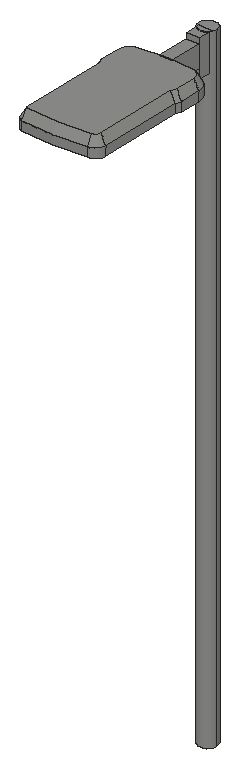
Revit family "VP-3-A_U", category Lighting Fixtures, host Face, Revit 2019 (continued)
Definition of nested family "SIZE3_A_"
  Forms (in)
    Extrusion 50, void
      sketch origin (0, 0, 3.625) x (1, 0, 0) y (0, 0, 1)
        loop
          line (-6.94707, 10.26622) -> (-6.94707, 9.26622)
          arc (-6.94707, 9.26622) -> (-0.07108, 7.88597) -> (6.815, 9.21501) r 18.15382
          line (6.815, 9.21501) -> (6.815, 10.21501)
          arc (6.815, 10.21501) -> (-0.07108, 8.88597) -> (-6.94707, 10.26622) r 18.15382
        loop
          line (-6.85535, 8.24972) -> (-6.85535, 7.97854)
          arc (-6.85535, 7.97854) -> (-0.06712, 6.63595) -> (6.73035, 7.93095) r 18.15382
          line (6.73035, 7.93095) -> (6.73035, 8.20243)
          arc (6.73035, 8.20243) -> (-0.06706, 6.91477) -> (-6.85535, 8.24972) r 18.25
        loop
          line (-6.85535, 7.49972) -> (-6.85535, 7.22854)
          arc (-6.85535, 7.22854) -> (-0.06712, 5.88595) -> (6.73035, 7.18095) r 18.15382
          line (6.73035, 7.18095) -> (6.73035, 7.45243)
          arc (6.73035, 7.45243) -> (-0.06706, 6.16477) -> (-6.85535, 7.49972) r 18.25
      from 1 to 1.75
    Blend 51, solid, material <- "Fixture"
      base sketch origin (0, 0, 0) x (1, 0, 0) y (0, 0, 1)
        loop
          arc (-6.75192, 33.95884) -> (-7.48558, 33.52919) -> (-7.77472, 32.72966) r 1.25
          line (-7.77472, 32.72966) -> (-7.77472, 15.72202) -> (-8.18, 14.67799) -> (-8.18, 10.64521)
          arc (-8.18, 10.64521) -> (-7.52407, 8.68733) -> (-5.82104, 7.51974) r 3.25
          arc (-5.82104, 7.51974) -> (-2.92086, 7.15165) -> (0, 7.02866) r 34.74571
          arc (0, 7.02866) -> (2.92086, 7.15165) -> (5.82104, 7.51974) r 34.74571
          arc (5.82104, 7.51974) -> (7.52407, 8.68733) -> (8.18, 10.64521) r 3.25
          line (8.18, 10.64521) -> (8.18, 14.67799) -> (7.7425, 15.80502) -> (7.7425, 32.05879)
          arc (7.7425, 32.05879) -> (7.16964, 33.45997) -> (5.77922, 34.05846) r 2
          arc (5.77922, 34.05846) -> (-0.48981, 34.44343) -> (-6.75192, 33.95884) r 45.36519
      top sketch origin (0, 0, 0) x (1, 0, 0) y (0, 0, 1)
        loop
          arc (5.71398, 33.05839) -> (-0.43659, 33.4438) -> (-6.58122, 32.97319) r 44.36519
          arc (-6.58122, 32.97319) -> (-6.72046, 32.88519) -> (-6.77472, 32.72966) r 0.25
          line (-6.77472, 32.72966) -> (-6.77472, 15.53474) -> (-7.18, 14.49071) -> (-7.18, 10.64521)
          arc (-7.18, 10.64521) -> (-6.74089, 9.30985) -> (-5.59495, 8.49571) r 2.25
          arc (-5.59495, 8.49571) -> (-2.89422, 8.15301) -> (-0.17465, 8.02912) r 33.74571
          arc (-0.17465, 8.02912) -> (2.72017, 8.13848) -> (5.59495, 8.49571) r 33.74571
          arc (5.59495, 8.49571) -> (6.74089, 9.30985) -> (7.18, 10.64521) r 2.25
          line (7.18, 10.64521) -> (7.18, 14.49071) -> (6.7425, 15.61774) -> (6.7425, 32.05879)
          arc (6.7425, 32.05879) -> (6.43945, 32.77591) -> (5.71398, 33.05839) r 1
      from 0 to -1.74
    Extrusion 52, solid, material <- "Fixture"
      sketch origin (0, 0, 0) x (1, 0, 0) y (0, 1, 0)
        loop
          line (-1.25, 2.78678) -> (-1.25, -4.21322) -> (1.25, -4.21322) -> (1.25, 2.78678) -> (-1.25, 2.78678)
      from -1.09835 to 1.75
  Cuts and joins
    Extrusion 4, Extrusion 50 cuts Extrusion 2
    Extrusion 4, Extrusion 50 cuts Extrusion 3
    joined: Extrusion 2, Extrusion 3
  Dimensions and locks (in)
    equal spacing: plane 4, plane 3 "Center (Left/Right)", plane 5
    "Width": plane 4 to plane 5
    "Length": plane 7 to plane 6
    "Mount Length": plane 6 to plane 2
    equal spacing: plane 11, plane 3 "Center (Left/Right)", plane 10
    "Mounting Base Width": plane 11 to plane 10
    aligned and locked: plane 2 to Extrusion 1
    aligned and locked: level to Extrusion 1
    aligned and locked: plane 1 "Center (Front/Back)" to Blend 51
    aligned and locked: plane 11 to Extrusion 52 sketch curve
    aligned and locked: Extrusion 52 sketch curve to plane 10
  Automatic sketch dimensions
    Extrusion 1 sketch curve to Extrusion 1 sketch curve = 96.00"  (x2)
    Extrusion 2 sketch curve to plane 3 "Center (Left/Right)" = 0.00"
    Extrusion 2 sketch curve to plane 3 "Center (Left/Right)" = 0.12919"
    plane 5 to Extrusion 2 sketch curve = 3.125"
    plane 5 to Extrusion 2 sketch curve = 1.53028"
    plane 5 to Extrusion 2 sketch curve = 0.28028"
    Extrusion 2 sketch curve to plane 5 = 0.125"
    Extrusion 2 sketch curve to plane 4 = 3.125"
    Extrusion 2 sketch curve to plane 4 = 2.3125"
    Extrusion 2 sketch curve to plane 4 = 0.3125"
    plane 4 to Extrusion 2 sketch curve = 0.125"
    Extrusion 2 sketch curve to level = 10.92033"
    plane 6 to Extrusion 2 sketch curve = 3.14521"
    Extrusion 2 sketch curve to Extrusion 2 sketch curve = 0.00"
    Extrusion 2 sketch curve to Extrusion 2 sketch curve = 4.03278"  (x2)
    Extrusion 2 sketch curve to Extrusion 2 sketch curve = 1.04403"
    Extrusion 2 sketch curve to Extrusion 2 sketch curve = 1.12703"
    Extrusion 2 sketch curve to plane 7 = 2.41121"
    Extrusion 2 sketch curve to Extrusion 2 sketch curve = 0.67087"
    plane 7 to Extrusion 2 sketch curve = 7.30438"
    plane 6 to Extrusion 2 sketch curve = 0.01974"
    Extrusion 2 sketch curve to plane 7 = 0.51116"
    Extrusion 3 sketch curve to plane 9 = 0.00"
    Extrusion 3 sketch curve to plane 8 = 0.1127"
    plane 8 to Extrusion 3 sketch curve = 1.12955"
    Extrusion 3 sketch curve to level = 1.406"
    plane 6 to Extrusion 3 sketch curve = 0.63918"
    plane 5 to Extrusion 4 sketch curve = 1.27892"
    plane 3 "Center (Left/Right)" to Extrusion 4 sketch curve = 0.06506"
    Extrusion 4 sketch curve to plane 4 = 1.125"
    Extrusion 4 sketch curve to level = 39.4018"
    plane 6 to Extrusion 4 sketch curve = 7.63674"
    Extrusion 4 sketch curve to plane 7 = 2.31818"
    plane 5 to Extrusion 5 sketch curve = 2.15013"
    Extrusion 5 sketch curve to Extrusion 5 sketch curve = 0.35"  (x3)
    Extrusion 5 sketch curve to plane 4 = 2.50013"  (x2)
    Extrusion 5 sketch curve to plane 7 = 7.81818"
    Extrusion 5 sketch curve to plane 7 = 2.66818"
    plane 5 to Extrusion 6 sketch curve = 3.08171"
    Extrusion 6 sketch curve to Extrusion 6 sketch curve = 0.00"  (x61)
    Extrusion 6 sketch curve to Extrusion 6 sketch curve = 0.51875"  (x27)
    Extrusion 6 sketch curve to plane 7 = 7.01806"
    Extrusion 6 sketch curve to Extrusion 6 sketch curve = 0.50"  (x72)
    plane 5 to Extrusion 7 sketch curve = 2.39345"
    Extrusion 7 sketch curve to Extrusion 7 sketch curve = 0.25"  (x3)
    Extrusion 7 sketch curve to plane 3 "Center (Left/Right)" = 0.54655"  (x2)
    Extrusion 7 sketch curve to plane 7 = 7.5141"
    Extrusion 7 sketch curve to plane 7 = 2.7641"
    Extrusion 8 sketch curve to plane 4 = 1.99807"
    Extrusion 8 sketch curve to plane 8 = 0.46661"
    Extrusion 8 sketch curve to Extrusion 8 sketch curve = 0.02618"
    Extrusion 8 sketch curve to Extrusion 8 sketch curve = 0.1119"
    Extrusion 8 sketch curve to plane 8 = 0.03691"
    Extrusion 8 sketch curve to Extrusion 8 sketch curve = 0.36056"
    Extrusion 8 sketch curve to plane 8 = 0.00781"
    Extrusion 8 sketch curve to Extrusion 8 sketch curve = 0.06241"
    Extrusion 8 sketch curve to Extrusion 8 sketch curve = 0.42393"
    Extrusion 8 sketch curve to Extrusion 8 sketch curve = 0.73219"
    plane 4 to Extrusion 9 sketch curve = 3.08171"
    Extrusion 9 sketch curve to Extrusion 9 sketch curve = 0.00"  (x61)
    Extrusion 9 sketch curve to Extrusion 9 sketch curve = 0.51875"  (x27)
    plane 7 to Extrusion 9 sketch curve = 7.01806"
    Extrusion 9 sketch curve to Extrusion 9 sketch curve = 0.50"  (x72)
    plane 4 to Extrusion 10 sketch curve = 2.39345"
    Extrusion 10 sketch curve to Extrusion 10 sketch curve = 0.25"  (x3)
    Extrusion 10 sketch curve to plane 3 "Center (Left/Right)" = 0.54655"  (x2)
    plane 7 to Extrusion 10 sketch curve = 7.5141"
    plane 7 to Extrusion 10 sketch curve = 2.7641"
    plane 5 to Extrusion 11 sketch curve = 2.15013"
    Extrusion 11 sketch curve to Extrusion 11 sketch curve = 0.35"  (x3)
    Extrusion 11 sketch curve to plane 4 = 2.50013"  (x2)
    Extrusion 11 sketch curve to plane 7 = 13.31818"
    Extrusion 11 sketch curve to Extrusion 11 sketch curve = 4.80"
    plane 5 to Extrusion 12 sketch curve = 3.08171"
    Extrusion 12 sketch curve to Extrusion 12 sketch curve = 0.00"  (x61)
    Extrusion 12 sketch curve to Extrusion 12 sketch curve = 0.51875"  (x27)
    Extrusion 12 sketch curve to plane 7 = 12.51806"
    Extrusion 12 sketch curve to Extrusion 12 sketch curve = 0.50"  (x72)
    plane 5 to Extrusion 13 sketch curve = 2.39345"
    Extrusion 13 sketch curve to Extrusion 13 sketch curve = 0.25"  (x3)
    Extrusion 13 sketch curve to plane 3 "Center (Left/Right)" = 0.54655"  (x2)
    Extrusion 13 sketch curve to plane 7 = 13.0141"
    Extrusion 13 sketch curve to Extrusion 13 sketch curve = 4.50"
    plane 4 to Extrusion 14 sketch curve = 3.08171"
    Extrusion 14 sketch curve to Extrusion 14 sketch curve = 0.00"  (x61)
    Extrusion 14 sketch curve to Extrusion 14 sketch curve = 0.51875"  (x27)
    plane 7 to Extrusion 14 sketch curve = 12.51806"
    Extrusion 14 sketch curve to Extrusion 14 sketch curve = 0.50"  (x72)
    plane 4 to Extrusion 15 sketch curve = 2.39345"
    Extrusion 15 sketch curve to Extrusion 15 sketch curve = 0.25"  (x3)
    Extrusion 15 sketch curve to plane 3 "Center (Left/Right)" = 0.54655"  (x2)
    plane 7 to Extrusion 15 sketch curve = 13.0141"
    Extrusion 15 sketch curve to Extrusion 15 sketch curve = 4.50"
    Extrusion 16 sketch curve to plane 5 = 2.15013"
    Extrusion 16 sketch curve to Extrusion 16 sketch curve = 0.35"  (x3)
    plane 4 to Extrusion 16 sketch curve = 2.50013"  (x2)
    plane 7 to Extrusion 16 sketch curve = 13.31818"
    Extrusion 16 sketch curve to Extrusion 16 sketch curve = 4.80"
    Extrusion 17 sketch curve to plane 5 = 3.08171"
    Extrusion 17 sketch curve to Extrusion 17 sketch curve = 0.00"  (x61)
    Extrusion 17 sketch curve to Extrusion 17 sketch curve = 0.51875"  (x27)
    Extrusion 17 sketch curve to plane 6 = 12.8517"
    Extrusion 17 sketch curve to Extrusion 17 sketch curve = 0.50"  (x72)
    Extrusion 18 sketch curve to plane 5 = 2.39345"
    Extrusion 18 sketch curve to Extrusion 18 sketch curve = 0.25"  (x3)
    plane 3 "Center (Left/Right)" to Extrusion 18 sketch curve = 0.54655"  (x2)
    Extrusion 18 sketch curve to plane 6 = 13.34775"
    Extrusion 18 sketch curve to Extrusion 18 sketch curve = 4.50"
    Extrusion 19 sketch curve to plane 4 = 3.08171"
    Extrusion 19 sketch curve to Extrusion 19 sketch curve = 0.00"  (x61)
    Extrusion 19 sketch curve to Extrusion 19 sketch curve = 0.51875"  (x27)
    plane 6 to Extrusion 19 sketch curve = 12.8517"
    Extrusion 19 sketch curve to Extrusion 19 sketch curve = 0.50"  (x72)
    Extrusion 20 sketch curve to plane 4 = 2.39345"
    Extrusion 20 sketch curve to Extrusion 20 sketch curve = 0.25"  (x3)
    plane 3 "Center (Left/Right)" to Extrusion 20 sketch curve = 0.54655"  (x2)
    plane 6 to Extrusion 20 sketch curve = 13.34775"
    Extrusion 20 sketch curve to Extrusion 20 sketch curve = 4.50"
    Extrusion 21 sketch curve to plane 4 = 1.99807"
    Extrusion 21 sketch curve to plane 8 = 0.46661"
    Extrusion 21 sketch curve to Extrusion 21 sketch curve = 0.02618"
    Extrusion 21 sketch curve to Extrusion 21 sketch curve = 0.1119"
    Extrusion 21 sketch curve to plane 8 = 0.03691"
    Extrusion 21 sketch curve to Extrusion 21 sketch curve = 0.36056"
    Extrusion 21 sketch curve to plane 8 = 0.00781"
    Extrusion 21 sketch curve to Extrusion 21 sketch curve = 0.06241"
    Extrusion 21 sketch curve to Extrusion 21 sketch curve = 0.42393"
    Extrusion 21 sketch curve to Extrusion 21 sketch curve = 0.73219"
    Extrusion 22 sketch curve to plane 4 = 1.99807"
    Extrusion 22 sketch curve to plane 8 = 0.46661"
    Extrusion 22 sketch curve to Extrusion 22 sketch curve = 0.02618"
    Extrusion 22 sketch curve to Extrusion 22 sketch curve = 0.1119"
    Extrusion 22 sketch curve to plane 8 = 0.03691"
    Extrusion 22 sketch curve to Extrusion 22 sketch curve = 0.36056"
    Extrusion 22 sketch curve to plane 8 = 0.00781"
    Extrusion 22 sketch curve to Extrusion 22 sketch curve = 0.06241"
    Extrusion 22 sketch curve to Extrusion 22 sketch curve = 0.42393"
    Extrusion 22 sketch curve to Extrusion 22 sketch curve = 0.73219"
    Extrusion 23 sketch curve to plane 4 = 1.99807"
    Extrusion 23 sketch curve to plane 8 = 0.46661"
    Extrusion 23 sketch curve to Extrusion 23 sketch curve = 0.02618"
    Extrusion 23 sketch curve to Extrusion 23 sketch curve = 0.1119"
    Extrusion 23 sketch curve to plane 8 = 0.03691"
    Extrusion 23 sketch curve to Extrusion 23 sketch curve = 0.36056"
    Extrusion 23 sketch curve to plane 8 = 0.00781"
    Extrusion 23 sketch curve to Extrusion 23 sketch curve = 0.06241"
    Extrusion 23 sketch curve to Extrusion 23 sketch curve = 0.42393"
    Extrusion 23 sketch curve to Extrusion 23 sketch curve = 0.73219"
    Extrusion 24 sketch curve to plane 4 = 1.99807"
    Extrusion 24 sketch curve to plane 8 = 0.46661"
    Extrusion 24 sketch curve to Extrusion 24 sketch curve = 0.02618"
    Extrusion 24 sketch curve to Extrusion 24 sketch curve = 0.1119"
    Extrusion 24 sketch curve to plane 8 = 0.03691"
    Extrusion 24 sketch curve to Extrusion 24 sketch curve = 0.36056"
    Extrusion 24 sketch curve to plane 8 = 0.00781"
    Extrusion 24 sketch curve to Extrusion 24 sketch curve = 0.06241"
    Extrusion 24 sketch curve to Extrusion 24 sketch curve = 0.42393"
    Extrusion 24 sketch curve to Extrusion 24 sketch curve = 0.73219"
    Extrusion 25 sketch curve to plane 4 = 1.99807"
    Extrusion 25 sketch curve to plane 8 = 0.46661"
    Extrusion 25 sketch curve to Extrusion 25 sketch curve = 0.02618"
    Extrusion 25 sketch curve to Extrusion 25 sketch curve = 0.1119"
    Extrusion 25 sketch curve to plane 8 = 0.03691"
    Extrusion 25 sketch curve to Extrusion 25 sketch curve = 0.36056"
    Extrusion 25 sketch curve to plane 8 = 0.00781"
    Extrusion 25 sketch curve to Extrusion 25 sketch curve = 0.06241"
    Extrusion 25 sketch curve to Extrusion 25 sketch curve = 0.42393"
    Extrusion 25 sketch curve to Extrusion 25 sketch curve = 0.73219"
    Extrusion 26 sketch curve to plane 4 = 1.99807"
    Extrusion 26 sketch curve to plane 8 = 0.46661"
    Extrusion 26 sketch curve to Extrusion 26 sketch curve = 0.02618"
    Extrusion 26 sketch curve to Extrusion 26 sketch curve = 0.1119"
    Extrusion 26 sketch curve to plane 8 = 0.03691"
    Extrusion 26 sketch curve to Extrusion 26 sketch curve = 0.36056"
    Extrusion 26 sketch curve to plane 8 = 0.00781"
    Extrusion 26 sketch curve to Extrusion 26 sketch curve = 0.06241"
    Extrusion 26 sketch curve to Extrusion 26 sketch curve = 0.42393"
    Extrusion 26 sketch curve to Extrusion 26 sketch curve = 0.73219"
    Extrusion 27 sketch curve to plane 4 = 1.99807"
    Extrusion 27 sketch curve to plane 8 = 0.46661"
    Extrusion 27 sketch curve to Extrusion 27 sketch curve = 0.02618"
    Extrusion 27 sketch curve to Extrusion 27 sketch curve = 0.1119"
    Extrusion 27 sketch curve to plane 8 = 0.03691"
    Extrusion 27 sketch curve to Extrusion 27 sketch curve = 0.36056"
    Extrusion 27 sketch curve to plane 8 = 0.00781"
    Extrusion 27 sketch curve to Extrusion 27 sketch curve = 0.06241"
    Extrusion 27 sketch curve to Extrusion 27 sketch curve = 0.42393"
    Extrusion 27 sketch curve to Extrusion 27 sketch curve = 0.73219"
    Extrusion 28 sketch curve to plane 4 = 1.99807"
    Extrusion 28 sketch curve to plane 8 = 0.46661"
    Extrusion 28 sketch curve to Extrusion 28 sketch curve = 0.02618"
    Extrusion 28 sketch curve to Extrusion 28 sketch curve = 0.1119"
    Extrusion 28 sketch curve to plane 8 = 0.03691"
    Extrusion 28 sketch curve to Extrusion 28 sketch curve = 0.36056"
    Extrusion 28 sketch curve to plane 8 = 0.00781"
    Extrusion 28 sketch curve to Extrusion 28 sketch curve = 0.06241"
    Extrusion 28 sketch curve to Extrusion 28 sketch curve = 0.42393"
    Extrusion 28 sketch curve to Extrusion 28 sketch curve = 0.73219"
    Extrusion 29 sketch curve to plane 4 = 1.99807"
    Extrusion 29 sketch curve to plane 8 = 0.46661"
    Extrusion 29 sketch curve to Extrusion 29 sketch curve = 0.02618"
    Extrusion 29 sketch curve to Extrusion 29 sketch curve = 0.1119"
    Extrusion 29 sketch curve to plane 8 = 0.03691"
    Extrusion 29 sketch curve to Extrusion 29 sketch curve = 0.36056"
    Extrusion 29 sketch curve to plane 8 = 0.00781"
    Extrusion 29 sketch curve to Extrusion 29 sketch curve = 0.06241"
    Extrusion 29 sketch curve to Extrusion 29 sketch curve = 0.42393"
    Extrusion 29 sketch curve to Extrusion 29 sketch curve = 0.73219"
    Extrusion 30 sketch curve to plane 4 = 1.99807"
    Extrusion 30 sketch curve to plane 8 = 0.46661"
    Extrusion 30 sketch curve to Extrusion 30 sketch curve = 0.02618"
    Extrusion 30 sketch curve to Extrusion 30 sketch curve = 0.1119"
    Extrusion 30 sketch curve to plane 8 = 0.03691"
    Extrusion 30 sketch curve to Extrusion 30 sketch curve = 0.36056"
    Extrusion 30 sketch curve to plane 8 = 0.00781"
    Extrusion 30 sketch curve to Extrusion 30 sketch curve = 0.06241"
    Extrusion 30 sketch curve to Extrusion 30 sketch curve = 0.42393"
    Extrusion 30 sketch curve to Extrusion 30 sketch curve = 0.73219"
    Extrusion 31 sketch curve to plane 4 = 1.99807"
    Extrusion 31 sketch curve to plane 8 = 0.46661"
    Extrusion 31 sketch curve to Extrusion 31 sketch curve = 0.02618"
    Extrusion 31 sketch curve to Extrusion 31 sketch curve = 0.1119"
    Extrusion 31 sketch curve to plane 8 = 0.03691"
    Extrusion 31 sketch curve to Extrusion 31 sketch curve = 0.36056"
    Extrusion 31 sketch curve to plane 8 = 0.00781"
    Extrusion 31 sketch curve to Extrusion 31 sketch curve = 0.06241"
    Extrusion 31 sketch curve to Extrusion 31 sketch curve = 0.42393"
    Extrusion 31 sketch curve to Extrusion 31 sketch curve = 0.73219"
    Extrusion 32 sketch curve to plane 4 = 1.99807"
    Extrusion 32 sketch curve to plane 8 = 0.46661"
    Extrusion 32 sketch curve to Extrusion 32 sketch curve = 0.02618"
    Extrusion 32 sketch curve to Extrusion 32 sketch curve = 0.1119"
    Extrusion 32 sketch curve to plane 8 = 0.03691"
    Extrusion 32 sketch curve to Extrusion 32 sketch curve = 0.36056"
    Extrusion 32 sketch curve to plane 8 = 0.00781"
    Extrusion 32 sketch curve to Extrusion 32 sketch curve = 0.06241"
    Extrusion 32 sketch curve to Extrusion 32 sketch curve = 0.42393"
    Extrusion 32 sketch curve to Extrusion 32 sketch curve = 0.73219"
    Extrusion 33 sketch curve to plane 4 = 1.99807"
    Extrusion 33 sketch curve to plane 8 = 0.46661"
    Extrusion 33 sketch curve to Extrusion 33 sketch curve = 0.02618"
    Extrusion 33 sketch curve to Extrusion 33 sketch curve = 0.1119"
    Extrusion 33 sketch curve to plane 8 = 0.03691"
    Extrusion 33 sketch curve to Extrusion 33 sketch curve = 0.36056"
    Extrusion 33 sketch curve to plane 8 = 0.00781"
    Extrusion 33 sketch curve to Extrusion 33 sketch curve = 0.06241"
    Extrusion 33 sketch curve to Extrusion 33 sketch curve = 0.42393"
    Extrusion 33 sketch curve to Extrusion 33 sketch curve = 0.73219"
    Extrusion 34 sketch curve to plane 4 = 1.99807"
    Extrusion 34 sketch curve to plane 8 = 0.46661"
    Extrusion 34 sketch curve to Extrusion 34 sketch curve = 0.02618"
    Extrusion 34 sketch curve to Extrusion 34 sketch curve = 0.1119"
    Extrusion 34 sketch curve to plane 8 = 0.03691"
    Extrusion 34 sketch curve to Extrusion 34 sketch curve = 0.36056"
    Extrusion 34 sketch curve to plane 8 = 0.00781"
    Extrusion 34 sketch curve to Extrusion 34 sketch curve = 0.06241"
    Extrusion 34 sketch curve to Extrusion 34 sketch curve = 0.42393"
    Extrusion 34 sketch curve to Extrusion 34 sketch curve = 0.73219"
    plane 5 to Extrusion 35 sketch curve = 2.1387"
    Extrusion 35 sketch curve to plane 8 = 0.46661"
    Extrusion 35 sketch curve to Extrusion 35 sketch curve = 0.02618"
    Extrusion 35 sketch curve to Extrusion 35 sketch curve = 0.1119"
    Extrusion 35 sketch curve to plane 8 = 0.03691"
    Extrusion 35 sketch curve to Extrusion 35 sketch curve = 0.36056"
    Extrusion 35 sketch curve to plane 8 = 0.00781"
    Extrusion 35 sketch curve to Extrusion 35 sketch curve = 0.06241"
    Extrusion 35 sketch curve to Extrusion 35 sketch curve = 0.42393"
    Extrusion 35 sketch curve to Extrusion 35 sketch curve = 0.20146"
    plane 5 to Extrusion 36 sketch curve = 2.1387"
    Extrusion 36 sketch curve to plane 8 = 0.46661"
    Extrusion 36 sketch curve to Extrusion 36 sketch curve = 0.02618"
    Extrusion 36 sketch curve to Extrusion 36 sketch curve = 0.1119"
    Extrusion 36 sketch curve to plane 8 = 0.03691"
    Extrusion 36 sketch curve to Extrusion 36 sketch curve = 0.36056"
    Extrusion 36 sketch curve to plane 8 = 0.00781"
    Extrusion 36 sketch curve to Extrusion 36 sketch curve = 0.06241"
    Extrusion 36 sketch curve to Extrusion 36 sketch curve = 0.42393"
    Extrusion 36 sketch curve to Extrusion 36 sketch curve = 0.20146"
    plane 5 to Extrusion 37 sketch curve = 2.1387"
    Extrusion 37 sketch curve to plane 8 = 0.46661"
    Extrusion 37 sketch curve to Extrusion 37 sketch curve = 0.02618"
    Extrusion 37 sketch curve to Extrusion 37 sketch curve = 0.1119"
    Extrusion 37 sketch curve to plane 8 = 0.03691"
    Extrusion 37 sketch curve to Extrusion 37 sketch curve = 0.36056"
    Extrusion 37 sketch curve to plane 8 = 0.00781"
    Extrusion 37 sketch curve to Extrusion 37 sketch curve = 0.06241"
    Extrusion 37 sketch curve to Extrusion 37 sketch curve = 0.42393"
    Extrusion 37 sketch curve to Extrusion 37 sketch curve = 0.20146"
    plane 5 to Extrusion 38 sketch curve = 2.1387"
    Extrusion 38 sketch curve to plane 8 = 0.46661"
    Extrusion 38 sketch curve to Extrusion 38 sketch curve = 0.02618"
    Extrusion 38 sketch curve to Extrusion 38 sketch curve = 0.1119"
    Extrusion 38 sketch curve to plane 8 = 0.03691"
    Extrusion 38 sketch curve to Extrusion 38 sketch curve = 0.36056"
    Extrusion 38 sketch curve to plane 8 = 0.00781"
    Extrusion 38 sketch curve to Extrusion 38 sketch curve = 0.06241"
    Extrusion 38 sketch curve to Extrusion 38 sketch curve = 0.42393"
    Extrusion 38 sketch curve to Extrusion 38 sketch curve = 0.20146"
    plane 5 to Extrusion 39 sketch curve = 2.1387"
    Extrusion 39 sketch curve to plane 8 = 0.46661"
    Extrusion 39 sketch curve to Extrusion 39 sketch curve = 0.02618"
    Extrusion 39 sketch curve to Extrusion 39 sketch curve = 0.1119"
    Extrusion 39 sketch curve to plane 8 = 0.03691"
    Extrusion 39 sketch curve to Extrusion 39 sketch curve = 0.36056"
    Extrusion 39 sketch curve to plane 8 = 0.00781"
    Extrusion 39 sketch curve to Extrusion 39 sketch curve = 0.06241"
    Extrusion 39 sketch curve to Extrusion 39 sketch curve = 0.42393"
    Extrusion 39 sketch curve to Extrusion 39 sketch curve = 0.20146"
    plane 5 to Extrusion 40 sketch curve = 2.1387"
    Extrusion 40 sketch curve to plane 8 = 0.46661"
    Extrusion 40 sketch curve to Extrusion 40 sketch curve = 0.02618"
    Extrusion 40 sketch curve to Extrusion 40 sketch curve = 0.1119"
    Extrusion 40 sketch curve to plane 8 = 0.03691"
    Extrusion 40 sketch curve to Extrusion 40 sketch curve = 0.36056"
    Extrusion 40 sketch curve to plane 8 = 0.00781"
    Extrusion 40 sketch curve to Extrusion 40 sketch curve = 0.06241"
    Extrusion 40 sketch curve to Extrusion 40 sketch curve = 0.42393"
    Extrusion 40 sketch curve to Extrusion 40 sketch curve = 0.20146"
    plane 5 to Extrusion 41 sketch curve = 2.1387"
    Extrusion 41 sketch curve to plane 8 = 0.46661"
    Extrusion 41 sketch curve to Extrusion 41 sketch curve = 0.02618"
    Extrusion 41 sketch curve to Extrusion 41 sketch curve = 0.1119"
    Extrusion 41 sketch curve to plane 8 = 0.03691"
    Extrusion 41 sketch curve to Extrusion 41 sketch curve = 0.36056"
    Extrusion 41 sketch curve to plane 8 = 0.00781"
    Extrusion 41 sketch curve to Extrusion 41 sketch curve = 0.06241"
    Extrusion 41 sketch curve to Extrusion 41 sketch curve = 0.42393"
    Extrusion 41 sketch curve to Extrusion 41 sketch curve = 0.20146"
    plane 5 to Extrusion 42 sketch curve = 2.1387"
    Extrusion 42 sketch curve to plane 8 = 0.46661"
    Extrusion 42 sketch curve to Extrusion 42 sketch curve = 0.02618"
    Extrusion 42 sketch curve to Extrusion 42 sketch curve = 0.1119"
    Extrusion 42 sketch curve to plane 8 = 0.03691"
    Extrusion 42 sketch curve to Extrusion 42 sketch curve = 0.36056"
    Extrusion 42 sketch curve to plane 8 = 0.00781"
    Extrusion 42 sketch curve to Extrusion 42 sketch curve = 0.06241"
    Extrusion 42 sketch curve to Extrusion 42 sketch curve = 0.42393"
    Extrusion 42 sketch curve to Extrusion 42 sketch curve = 0.20146"
    plane 5 to Extrusion 43 sketch curve = 2.1387"
    Extrusion 43 sketch curve to plane 8 = 0.46661"
    Extrusion 43 sketch curve to Extrusion 43 sketch curve = 0.02618"
    Extrusion 43 sketch curve to Extrusion 43 sketch curve = 0.1119"
    Extrusion 43 sketch curve to plane 8 = 0.03691"
    Extrusion 43 sketch curve to Extrusion 43 sketch curve = 0.36056"
    Extrusion 43 sketch curve to plane 8 = 0.00781"
    Extrusion 43 sketch curve to Extrusion 43 sketch curve = 0.06241"
    Extrusion 43 sketch curve to Extrusion 43 sketch curve = 0.42393"
    Extrusion 43 sketch curve to Extrusion 43 sketch curve = 0.20146"
    plane 5 to Extrusion 44 sketch curve = 2.1387"
    Extrusion 44 sketch curve to plane 8 = 0.46661"
    Extrusion 44 sketch curve to Extrusion 44 sketch curve = 0.02618"
    Extrusion 44 sketch curve to Extrusion 44 sketch curve = 0.1119"
    Extrusion 44 sketch curve to plane 8 = 0.03691"
    Extrusion 44 sketch curve to Extrusion 44 sketch curve = 0.36056"
    Extrusion 44 sketch curve to plane 8 = 0.00781"
    Extrusion 44 sketch curve to Extrusion 44 sketch curve = 0.06241"
    Extrusion 44 sketch curve to Extrusion 44 sketch curve = 0.42393"
    Extrusion 44 sketch curve to Extrusion 44 sketch curve = 0.20146"
    plane 5 to Extrusion 45 sketch curve = 2.1387"
    Extrusion 45 sketch curve to plane 8 = 0.46661"
    Extrusion 45 sketch curve to Extrusion 45 sketch curve = 0.02618"
    Extrusion 45 sketch curve to Extrusion 45 sketch curve = 0.1119"
    Extrusion 45 sketch curve to plane 8 = 0.03691"
    Extrusion 45 sketch curve to Extrusion 45 sketch curve = 0.36056"
    Extrusion 45 sketch curve to plane 8 = 0.00781"
    Extrusion 45 sketch curve to Extrusion 45 sketch curve = 0.06241"
    Extrusion 45 sketch curve to Extrusion 45 sketch curve = 0.42393"
    Extrusion 45 sketch curve to Extrusion 45 sketch curve = 0.20146"
    plane 5 to Extrusion 46 sketch curve = 2.1387"
    Extrusion 46 sketch curve to plane 8 = 0.46661"
    Extrusion 46 sketch curve to Extrusion 46 sketch curve = 0.02618"
    Extrusion 46 sketch curve to Extrusion 46 sketch curve = 0.1119"
    Extrusion 46 sketch curve to plane 8 = 0.03691"
    Extrusion 46 sketch curve to Extrusion 46 sketch curve = 0.36056"
    Extrusion 46 sketch curve to plane 8 = 0.00781"
    Extrusion 46 sketch curve to Extrusion 46 sketch curve = 0.06241"
    Extrusion 46 sketch curve to Extrusion 46 sketch curve = 0.42393"
    Extrusion 46 sketch curve to Extrusion 46 sketch curve = 0.20146"
    plane 5 to Extrusion 47 sketch curve = 2.1387"
    Extrusion 47 sketch curve to plane 8 = 0.46661"
    Extrusion 47 sketch curve to Extrusion 47 sketch curve = 0.02618"
    Extrusion 47 sketch curve to Extrusion 47 sketch curve = 0.1119"
    Extrusion 47 sketch curve to plane 8 = 0.03691"
    Extrusion 47 sketch curve to Extrusion 47 sketch curve = 0.36056"
    Extrusion 47 sketch curve to plane 8 = 0.00781"
    Extrusion 47 sketch curve to Extrusion 47 sketch curve = 0.06241"
    Extrusion 47 sketch curve to Extrusion 47 sketch curve = 0.42393"
    Extrusion 47 sketch curve to Extrusion 47 sketch curve = 0.20146"
    plane 5 to Extrusion 48 sketch curve = 2.1387"
    Extrusion 48 sketch curve to plane 8 = 0.46661"
    Extrusion 48 sketch curve to Extrusion 48 sketch curve = 0.02618"
    Extrusion 48 sketch curve to Extrusion 48 sketch curve = 0.1119"
    Extrusion 48 sketch curve to plane 8 = 0.03691"
    Extrusion 48 sketch curve to Extrusion 48 sketch curve = 0.36056"
    Extrusion 48 sketch curve to plane 8 = 0.00781"
    Extrusion 48 sketch curve to Extrusion 48 sketch curve = 0.06241"
    Extrusion 48 sketch curve to Extrusion 48 sketch curve = 0.42393"
    Extrusion 48 sketch curve to Extrusion 48 sketch curve = 0.20146"
    plane 5 to Extrusion 49 sketch curve = 2.1387"
    Extrusion 49 sketch curve to plane 8 = 0.46661"
    Extrusion 49 sketch curve to Extrusion 49 sketch curve = 0.02618"
    Extrusion 49 sketch curve to Extrusion 49 sketch curve = 0.1119"
    Extrusion 49 sketch curve to plane 8 = 0.03691"
    Extrusion 49 sketch curve to Extrusion 49 sketch curve = 0.36056"
    Extrusion 49 sketch curve to plane 8 = 0.00781"
    Extrusion 49 sketch curve to Extrusion 49 sketch curve = 0.06241"
    Extrusion 49 sketch curve to Extrusion 49 sketch curve = 0.42393"
    Extrusion 49 sketch curve to Extrusion 49 sketch curve = 0.20146"
    plane 5 to Extrusion 50 sketch curve = 1.10793"
    Extrusion 50 sketch curve to Extrusion 50 sketch curve = 0.09172"
    Extrusion 50 sketch curve to Extrusion 50 sketch curve = 0.00"  (x2)
    Extrusion 50 sketch curve to plane 3 "Center (Left/Right)" = 0.00354"  (x6)
    Extrusion 50 sketch curve to plane 4 = 1.32465"
    Extrusion 50 sketch curve to Extrusion 50 sketch curve = 0.08465"
    plane 6 to Extrusion 50 sketch curve = 3.35354"
    level to Extrusion 50 sketch curve = 10.80595"
    Extrusion 50 sketch curve to Extrusion 50 sketch curve = 0.27118"  (x2)
    Extrusion 50 sketch curve to Extrusion 50 sketch curve = 0.27147"  (x2)
    Extrusion 50 sketch curve to Extrusion 50 sketch curve = 0.47882"
    Extrusion 50 sketch curve to Extrusion 50 sketch curve = 0.47853"
    Extrusion 50 sketch curve to Extrusion 50 sketch curve = 1.01649"
    Extrusion 50 sketch curve to Extrusion 50 sketch curve = 1.00"  (x2)
    Extrusion 50 sketch curve to Extrusion 50 sketch curve = 0.875"
    Blend 51 sketch curve to Blend 51 sketch curve = 0.00"  (x3)
    Blend 51 sketch curve to plane 3 "Center (Left/Right)" = 0.00"  (x2)
    Blend 51 sketch curve to plane 3 "Center (Left/Right)" = 0.12919"  (x2)
    plane 5 to Blend 51 sketch curve = 3.125"
    plane 5 to Blend 51 sketch curve = 1.53028"  (x2)
    plane 5 to Blend 51 sketch curve = 0.28028"
    Blend 51 sketch curve to plane 5 = 0.125"
    Blend 51 sketch curve to plane 4 = 3.125"
    Blend 51 sketch curve to plane 4 = 2.3125"  (x2)
    Blend 51 sketch curve to plane 4 = 0.3125"
    plane 4 to Blend 51 sketch curve = 0.125"
    Blend 51 sketch curve to level = 10.92033"  (x2)
    Blend 51 sketch curve to Blend 51 sketch curve = 4.03278"  (x2)
    Blend 51 sketch curve to Blend 51 sketch curve = 1.04403"  (x2)
    Blend 51 sketch curve to Blend 51 sketch curve = 1.12703"  (x2)
    Blend 51 sketch curve to plane 7 = 2.41121"  (x2)
    Blend 51 sketch curve to Blend 51 sketch curve = 0.67087"  (x2)
    Blend 51 sketch curve to plane 7 = 0.51116"
    plane 6 to Blend 51 sketch curve = 3.14521"  (x2)
    plane 6 to Blend 51 sketch curve = 0.01974"  (x2)
    Blend 51 sketch curve to plane 6 = 0.47134"
    Blend 51 sketch curve to Blend 51 sketch curve = 0.25"
    plane 5 to Blend 51 sketch curve = 0.875"
    Blend 51 sketch curve to Blend 51 sketch curve = 1.00"
    Blend 51 sketch curve to plane 4 = 0.875"
    Blend 51 sketch curve to Blend 51 sketch curve = 3.8455"  (x2)
    Blend 51 sketch curve to Blend 51 sketch curve = 0.0565"
    Blend 51 sketch curve to Blend 51 sketch curve = 2.25"  (x2)
    plane 6 to Blend 51 sketch curve = 0.99571"  (x2)
    plane 6 to Blend 51 sketch curve = 0.52912"
    Blend 51 sketch curve to plane 3 "Center (Left/Right)" = 0.17465"
    plane 8 to Extrusion 52 sketch curve = 2.47322"
    Extrusion 52 sketch curve to plane 9 = 1.04678"
    radius of Extrusion 6 sketch curve = 0.15"  (x81)
    radius of Extrusion 9 sketch curve = 0.15"  (x81)
    radius of Extrusion 12 sketch curve = 0.15"  (x81)
    radius of Extrusion 14 sketch curve = 0.15"  (x81)
    radius of Extrusion 17 sketch curve = 0.15"  (x81)
    radius of Extrusion 19 sketch curve = 0.15"  (x81)
Types (4): name | Wattage Comments | Pole Radius | Pole Height | Mounting Block Size | Model | Pole Size | Apparent Load
  (no name) | "423.2W" | 1.75" | 122.00" | 2.50" | "VP-3-A3U" | 3.50" | 423.2 VA
  VP-3-A3U | "423.2W" | 1.75" | 122.00" | 2.50" | "VP-3-A3U" | 3.50" | 423.2 VA
  VP-3-A4U | "97.2W" | 2.09" | 120.00" | 3.18" | "VP-3-A4U" | 4.18" | 97.2 VA
  VP-3-A5U | "97.2W" | 2.75" | 120.00" | 4.50" | "VP-3-A5U" | 5.50" | 97.2 VA
